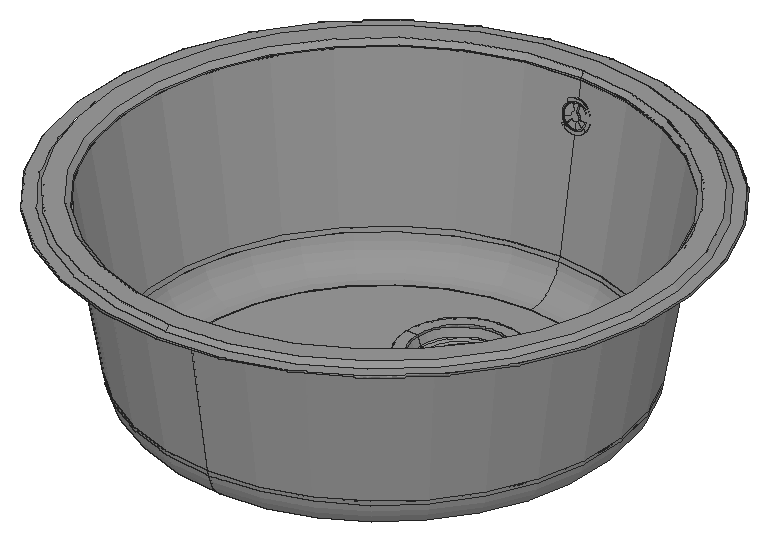
Revit family "05 BE Redondo 39", category Plumbing Fixtures, host Face, Revit 2017
Family settings
  Host = Face
  Round Connector Dimension = Use Diameter
  Part Type = Normal
  Cut with Voids When Loaded = Yes
  Shared = No
  Room Calculation Point = No
Parameters (values of type "BE Redondo 39")
  Waste Connection = yes
  URL = "www.teka.cl"
  Model = "BE Redondo 39"
  Manufacturer = "Teka"
  Espesor_Cubierta = 10 mm
  Description = "Lavaplatos bajo encimera para cocina"
  Default Elevation = 1219.2 mm
  Ca_Web del Representante = "www.teka.cl"
  Ca_Web del Fabricante = "www.teka.com"
  Ca_Usos = "Lavaplatos bajo encimera para cocina"
  Ca_Teléfono = "99821 1017"
  Ca_Representante = "Teka"
  Ca_Profundidad = 180 mm
  Ca_Producto = "Lavaplatos BE Redondo 39"
  Ca_País de Fabricación = "España"
  Ca_Material Principal = "Acero Inoxidable AISI-304 (18/10)"
  Ca_Masterformat = "22 41 16"
  Ca_Itemizado CDT = "E 04 05 01"
  Ca_Instalación = "Bajo Encimera"
  Ca_Fabricante = "Teka"
  Ca_Especificaciones Técnicas = "Lavaplatos bajo encimera de acero TEKA modelo BE Redondo 39"
  Ca_Código del Producto = "10125006"
  Ca_Código EAN = "8421152024126"
  Ca_Código Catálogo Arquitectura = "411_TEK_089"
  Ca_Creado por = "Catálogo Arquitectura"
  Ca_Contacto = "Khorzella@teka.cl"
  Ca_Certificaciones = "Norma Europea EN-13310"
  Ca_1_Sello CE = "Producto cumple Norma Europea EN-13310"
  Ca_1_Profundidad Cubeta = "180 mm"
  Ca_1_Material Principal = "Acero Inoxidable AISI-304 (18/10)"
  Ca_1_Instalación = "Bajo encimera"
  Ca_1_Espesor de acero = "0,8 mm."
  Ca_1_Dimesiones Cubeta = "Ø 390 x 180 mm"
  Ca_1_Dimensiones Lavaplatos = "Ø 390 mm."
  Ca_1_Accesorios = "Válvula 3 1/2'' + Rebalse redondo. + Sifón y Completo sistema de conexión"
  Acabado_Lavaplatos = Teka_Acero Inoxidable
Reference planes
  plane 1 "Center (Front/Back)": y = 0
  plane 2: z = 0
  plane 3 "Center (Left/Right)": x = 0
  plane 4 "R. Lavaplatos": z = -10
  plane 5 "R.1": z = -126.783
  plane 6 "R.2": z = -152.793
  plane 7 "R.Desague": y = 75.974
  plane 8 "R.3": z = -167.705
Forms (mm)
  Sweep 1, solid, material "Teka_Acero Inoxidable" <- "Acabado_Lavaplatos"
    path origin (0, 0, -10) x (0, -1, 0) y (1, 0, 0)
      loop
        circle (0, 0) r 195
    profile origin (195, 0, -10) x (-1, 0, 0) y (0, 0, 1)
      loop
        arc (-31.029, 1) -> (-31.529, 0.5) -> (-31.029, 0) r 0.5
        line (-31.029, 0) -> (0, 0) -> (0, 0.787) -> (-3.749, 4.536) -> (-18.309, 4.536) -> (-21.845, 1) -> (-31.029, 1)
  Extrusion 2, void
    sketch origin (0, 0, -10) x (0, -1, 0) y (1, 0, 0)
      loop
        circle (0, 0) r 193
    from 4.536 to 10
  Extrusion 3, void
    sketch origin (0, 0, -10) x (0, -1, 0) y (1, 0, 0)
      loop
        circle (0, 0) r 195
    from -180 to 4.536
  Sweep 4, solid, material "Teka_Acero Inoxidable" <- "Acabado_Lavaplatos"
    path origin (0, 0, -10) x (0, -1, 0) y (1, 0, 0)
      loop
        circle (0, 0) r 195
    profile origin (-195, 0, -10) x (-1, 0, 0) y (0, 0, 1)
      loop
        line (-20.689, -116.783) -> (-19.877, -116.783) -> (0.812, 0) -> (0, 0) -> (-20.689, -116.783)
  Sweep 5, solid, material "Teka_Acero Inoxidable" <- "Acabado_Lavaplatos"
    path origin (0, 0, -126.783) x (-1, 0, 0) y (0, -1, 0)
      loop
        circle (0, 0) r 174.311
    profile origin (174.311, 0, -126.783) x (1, 0, 0) y (0, 0, 1)
      loop
        line (0, 0) -> (-0.751, -3.593)
        arc (-0.751, -3.593) -> (-10.562, -19.696) -> (-28.33, -26.01) r 28.186
        line (-28.33, -26.01) -> (-28.33, -26.81)
        arc (-28.33, -26.81) -> (-9.855, -20.15) -> (0.134, -3.242) r 28.986
        line (0.134, -3.242) -> (0.812, 0) -> (0, 0)
  Extrusion 6, solid, material "Teka_Acero Inoxidable" <- "Acabado_Lavaplatos"
    sketch origin (0, 0, -152.793) x (-1, 0, 0) y (0, -1, 0)
      loop
        circle (0, 0) r 145.981
      loop
        circle (0, -75.974) r 35
    from -0.8 to 0
  Revolve 7, solid, material "Teka_Acero Inoxidable" <- "Acabado_Lavaplatos"
    sketch origin (0, 75.974, 0) x (-1, 0, 0) y (0, 0, 1)
      loop
        line (-20, -168.517) -> (-20, -167.705) -> (-23.483, -167.091)
        arc (-23.483, -167.091) -> (-23.971, -166.884) -> (-24.319, -166.484) r 1.178
        line (-24.319, -166.484) -> (-26.949, -161.536)
        arc (-26.949, -161.536) -> (-27.45, -160.934) -> (-28.149, -160.582) r 1.922
        line (-28.149, -160.582) -> (-31.461, -159.694)
        arc (-31.461, -159.694) -> (-31.91, -159.443) -> (-32.184, -159.008) r 1.044
        line (-32.184, -159.008) -> (-34.151, -152.955)
        arc (-34.151, -152.955) -> (-33.854, -152.394) -> (-34.345, -151.993) r 0.501
        line (-34.345, -151.993) -> (-42.999, -151.993)
        arc (-42.999, -151.993) -> (-43.399, -152.393) -> (-42.999, -152.793) r 0.4
        line (-42.999, -152.793) -> (-35, -152.793) -> (-32.723, -159.801)
        arc (-32.723, -159.801) -> (-32.509, -160.14) -> (-32.16, -160.335) r 0.813
        line (-32.16, -160.335) -> (-28.191, -161.399)
        arc (-28.191, -161.399) -> (-27.815, -161.588) -> (-27.546, -161.912) r 1.035
        line (-27.546, -161.912) -> (-24.71, -167.246)
        arc (-24.71, -167.246) -> (-24.376, -167.63) -> (-23.908, -167.828) r 1.13
        line (-23.908, -167.828) -> (-20, -168.517)
      axis (0, -151.993) -> (0, -168.517)
    angle from 0 to 360
  Extrusion 8, solid, material "Teka_Acero Inoxidable" <- "Acabado_Lavaplatos"
    sketch origin (0, 0, -167.705) x (-1, 0, 0) y (0, -1, 0)
      loop
        circle (0, -75.974) r 20
    from -0.812 to 0
  Extrusion 9, void
    sketch origin (0, 0, -167.705) x (-1, 0, 0) y (0, -1, 0)
      loop
        line (-2.05, -81.607) -> (-5.472, -91.009)
        arc (-5.472, -91.009) -> (0, -91.974) -> (5.472, -91.009) r 16
        line (5.472, -91.009) -> (2.05, -81.607)
        arc (2.05, -81.607) -> (0, -81.969) -> (-2.05, -81.607) r 5.995
    from -0.8 to 0
  Extrusion 10, void
    sketch origin (0, 151.948, -167.705) x (-1, 0, 0) y (0, -1, 0)
      loop
        arc (-2.05, 81.607) -> (0, 81.969) -> (2.05, 81.607) r 5.995
        line (2.05, 81.607) -> (5.472, 91.009)
        arc (5.472, 91.009) -> (0, 91.974) -> (-5.472, 91.009) r 16
        line (-5.472, 91.009) -> (-2.05, 81.607)
    from -0.8 to 0
  Extrusion 11, void
    sketch origin (-65.87, 38.116, -167.705) x (-0.498295, 0.867008, 0) y (-0.867008, -0.498295, 0)
      loop
        line (-2.05, -81.607) -> (-5.472, -91.009)
        arc (-5.472, -91.009) -> (0, -91.974) -> (5.472, -91.009) r 16
        line (5.472, -91.009) -> (2.05, -81.607)
        arc (2.05, -81.607) -> (0, -81.969) -> (-2.05, -81.607) r 5.995
    from -0.8 to 0
  Extrusion 12, void
    sketch origin (65.87, 113.831, -167.705) x (-0.498295, 0.867008, 0) y (-0.867008, -0.498295, 0)
      loop
        arc (-2.05, 81.607) -> (0, 81.969) -> (2.05, 81.607) r 5.995
        line (2.05, 81.607) -> (5.472, 91.009)
        arc (5.472, 91.009) -> (0, 91.974) -> (-5.472, 91.009) r 16
        line (-5.472, 91.009) -> (-2.05, 81.607)
    from -0.8 to 0
  Extrusion 13, void
    sketch origin (-67.693, 110.465, -167.705) x (0.45399, 0.891007, 0) y (-0.891007, 0.45399, 0)
      loop
        line (-2.05, -81.607) -> (-5.472, -91.009)
        arc (-5.472, -91.009) -> (0, -91.974) -> (5.472, -91.009) r 16
        line (5.472, -91.009) -> (2.05, -81.607)
        arc (2.05, -81.607) -> (0, -81.969) -> (-2.05, -81.607) r 5.995
    from -0.8 to 0
  Extrusion 14, void
    sketch origin (67.693, 41.482, -167.705) x (0.45399, 0.891007, 0) y (-0.891007, 0.45399, 0)
      loop
        arc (-2.05, 81.607) -> (0, 81.969) -> (2.05, 81.607) r 5.995
        line (2.05, 81.607) -> (5.472, 91.009)
        arc (5.472, 91.009) -> (0, 91.974) -> (-5.472, 91.009) r 16
        line (-5.472, 91.009) -> (-2.05, 81.607)
    from -0.8 to 0
Cuts and joins
  Extrusion 9, Extrusion 10, Extrusion 11, Extrusion 12, Extrusion 13, Extrusion 14 cuts Extrusion 8
Dimensions and locks
  "Espesor_Cubierta": plane 2 to plane 4 "R. Lavaplatos"
  plane 4 "R. Lavaplatos" to plane 5 "R.1" to plane 6 "R.2" to plane 8 "R.3" = 116.783 mm locked, 26.01 mm locked, 14.912 mm locked
  aligned and locked: plane 2 to host face
  aligned and locked: level to host face
  aligned and locked: level to Extrusion 2
  aligned and locked: Sweep 4 sketch curve to Sweep 1
  aligned and locked: Sweep 5 sketch curve to Sweep 4  (x2)
  aligned and locked: Extrusion 6 to Sweep 5
Automatic sketch dimensions
  host sketch curve to host sketch curve = 2438.4 mm  (x2)
  plane 1 "Center (Front/Back)" to Sweep 1 sketch curve = 0 mm
  Sweep 1 sketch curve to plane 3 "Center (Left/Right)" = 0 mm
  Sweep 1 sketch curve to plane 4 "R. Lavaplatos" = 0 mm
  Sweep 1 sketch curve to profile plane = 0 mm
  profile plane to Sweep 1 sketch curve = 3.749 mm
  plane 4 "R. Lavaplatos" to Sweep 1 sketch curve = 4.536 mm
  Sweep 1 sketch curve to Sweep 1 sketch curve = 14.56 mm
  plane 4 "R. Lavaplatos" to Sweep 1 sketch curve = 1 mm
  Sweep 1 sketch curve to Sweep 1 sketch curve = 3.536 mm
  Sweep 1 sketch curve to Sweep 1 sketch curve = 9.184 mm
  Sweep 1 sketch curve to Sweep 1 sketch curve = 0.787 mm
  plane 1 "Center (Front/Back)" to Extrusion 2 sketch curve = 0 mm
  Extrusion 2 sketch curve to plane 3 "Center (Left/Right)" = 0 mm
  plane 1 "Center (Front/Back)" to Extrusion 3 sketch curve = 0 mm
  Extrusion 3 sketch curve to plane 3 "Center (Left/Right)" = 0 mm
  Sweep 4 sketch curve to plane 4 "R. Lavaplatos" = 0 mm
  Sweep 4 sketch curve to profile plane = 0 mm
  profile plane to Sweep 4 sketch curve = 19.877 mm
  Sweep 4 sketch curve to Sweep 4 sketch curve = 0.812 mm  (x2)
  Sweep 4 sketch curve to plane 4 "R. Lavaplatos" = 116.783 mm
  Sweep 5 sketch curve to Sweep 5 sketch curve = 0 mm  (x2)
  Sweep 5 sketch curve to plane 5 "R.1" = 0 mm
  profile plane to Sweep 5 sketch curve = 0 mm
  profile plane to Sweep 5 sketch curve = 0.751 mm
  profile plane to Sweep 5 sketch curve = 28.33 mm
  plane 5 "R.1" to Sweep 5 sketch curve = 2.176 mm
  Sweep 5 sketch curve to Sweep 5 sketch curve = 0.011 mm
  Sweep 5 sketch curve to profile plane = 0.134 mm
  Sweep 5 sketch curve to profile plane = 0.812 mm
  Sweep 5 sketch curve to plane 5 "R.1" = 3.242 mm
  Sweep 5 sketch curve to Sweep 5 sketch curve = 0.35 mm
  Extrusion 6 sketch curve to Extrusion 6 sketch curve = 0 mm  (x2)
  Extrusion 6 sketch curve to plane 3 "Center (Left/Right)" = 0 mm  (x2)
  Extrusion 6 sketch curve to plane 7 "R.Desague" = 0 mm
  plane 1 "Center (Front/Back)" to Extrusion 6 sketch curve = 0 mm
  Extrusion 6 sketch curve to Extrusion 6 sketch curve = 70.008 mm
  Revolve 7 sketch curve to plane 6 "R.2" = 0 mm
  Revolve 7 sketch curve to plane 8 "R.3" = 0 mm
  Revolve 7 sketch curve to plane 3 "Center (Left/Right)" = 0 mm
  Revolve 7 sketch curve to plane 8 "R.3" = 0.812 mm
  plane 3 "Center (Left/Right)" to Revolve 7 sketch curve = 20 mm
  plane 8 "R.3" to Revolve 7 sketch curve = 1.774 mm
  Revolve 7 sketch curve to Revolve 7 sketch curve = 3.278 mm
  plane 8 "R.3" to Revolve 7 sketch curve = 0.614 mm
  Revolve 7 sketch curve to Revolve 7 sketch curve = 0.205 mm
  Revolve 7 sketch curve to Revolve 7 sketch curve = 0.229 mm
  Revolve 7 sketch curve to plane 8 "R.3" = 0.123 mm
  Revolve 7 sketch curve to Revolve 7 sketch curve = 0.425 mm
  plane 8 "R.3" to Revolve 7 sketch curve = 1.221 mm
  plane 8 "R.3" to Revolve 7 sketch curve = 0.459 mm
  Revolve 7 sketch curve to Revolve 7 sketch curve = 0.391 mm
  plane 8 "R.3" to Revolve 7 sketch curve = 6.169 mm
  Revolve 7 sketch curve to Revolve 7 sketch curve = 2.631 mm
  plane 8 "R.3" to Revolve 7 sketch curve = 5.793 mm
  Revolve 7 sketch curve to Revolve 7 sketch curve = 0.596 mm
  plane 8 "R.3" to Revolve 7 sketch curve = 7.123 mm
  Revolve 7 sketch curve to Revolve 7 sketch curve = 0.603 mm
  plane 8 "R.3" to Revolve 7 sketch curve = 6.306 mm
  Revolve 7 sketch curve to Revolve 7 sketch curve = 0.042 mm
  Revolve 7 sketch curve to Revolve 7 sketch curve = 0.268 mm
  Revolve 7 sketch curve to Revolve 7 sketch curve = 0.187 mm
  Revolve 7 sketch curve to Revolve 7 sketch curve = 3.042 mm
  Revolve 7 sketch curve to plane 6 "R.2" = 6.902 mm
  Revolve 7 sketch curve to Revolve 7 sketch curve = 0.27 mm
  Revolve 7 sketch curve to Revolve 7 sketch curve = 0.488 mm
  plane 8 "R.3" to Revolve 7 sketch curve = 7.37 mm
  Revolve 7 sketch curve to Revolve 7 sketch curve = 0.21 mm
  Revolve 7 sketch curve to plane 6 "R.2" = 6.216 mm
  Revolve 7 sketch curve to Revolve 7 sketch curve = 0.235 mm
  Revolve 7 sketch curve to plane 6 "R.2" = 7.008 mm
  Revolve 7 sketch curve to Revolve 7 sketch curve = 0.563 mm
  Revolve 7 sketch curve to plane 6 "R.2" = 0.162 mm
  Revolve 7 sketch curve to Revolve 7 sketch curve = 1.967 mm
  Revolve 7 sketch curve to Revolve 7 sketch curve = 0.194 mm
  Revolve 7 sketch curve to Revolve 7 sketch curve = 0.655 mm
  Revolve 7 sketch curve to Revolve 7 sketch curve = 7.999 mm
  plane 6 "R.2" to Revolve 7 sketch curve = 0.299 mm
  Revolve 7 sketch curve to plane 8 "R.3" = 39.078 mm
  plane 5 "R.1" to Revolve 7 sketch curve = 30 mm
  Extrusion 8 sketch curve to plane 3 "Center (Left/Right)" = 0 mm
  Extrusion 8 sketch curve to plane 7 "R.Desague" = 0 mm
  Extrusion 9 sketch curve to Extrusion 9 sketch curve = 0 mm  (x2)
  Extrusion 9 sketch curve to plane 3 "Center (Left/Right)" = 0 mm
  Extrusion 9 sketch curve to plane 7 "R.Desague" = 0 mm
  plane 3 "Center (Left/Right)" to Extrusion 9 sketch curve = 2.05 mm
  plane 3 "Center (Left/Right)" to Extrusion 9 sketch curve = 5.472 mm
  Extrusion 9 sketch curve to plane 3 "Center (Left/Right)" = 2.05 mm
  Extrusion 9 sketch curve to plane 3 "Center (Left/Right)" = 5.472 mm
  plane 7 "R.Desague" to Extrusion 9 sketch curve = 5.633 mm
  Extrusion 9 sketch curve to Extrusion 9 sketch curve = 9.402 mm
  Extrusion 10 sketch curve to Extrusion 10 sketch curve = 0 mm  (x2)
  Extrusion 10 sketch curve to plane 3 "Center (Left/Right)" = 0 mm
  Extrusion 10 sketch curve to plane 7 "R.Desague" = 0 mm
  Extrusion 10 sketch curve to plane 3 "Center (Left/Right)" = 2.05 mm
  Extrusion 10 sketch curve to plane 3 "Center (Left/Right)" = 5.472 mm
  plane 3 "Center (Left/Right)" to Extrusion 10 sketch curve = 2.05 mm
  plane 3 "Center (Left/Right)" to Extrusion 10 sketch curve = 5.472 mm
  plane 7 "R.Desague" to Extrusion 10 sketch curve = 5.633 mm
  Extrusion 10 sketch curve to Extrusion 10 sketch curve = 9.402 mm
  Extrusion 13 sketch curve to Extrusion 13 sketch curve = 0 mm  (x2)
  Extrusion 13 sketch curve to plane 3 "Center (Left/Right)" = 0 mm
  Extrusion 13 sketch curve to plane 7 "R.Desague" = 0 mm
  Extrusion 13 sketch curve to Extrusion 13 sketch curve = 2.05 mm
  Extrusion 13 sketch curve to Extrusion 13 sketch curve = 3.422 mm  (x2)
  Extrusion 13 sketch curve to Extrusion 13 sketch curve = 4.101 mm
  Extrusion 13 sketch curve to Extrusion 13 sketch curve = 5.633 mm
  Extrusion 13 sketch curve to Extrusion 13 sketch curve = 9.402 mm
  Extrusion 14 sketch curve to Extrusion 14 sketch curve = 0 mm  (x2)
  Extrusion 14 sketch curve to plane 3 "Center (Left/Right)" = 0 mm
  Extrusion 14 sketch curve to plane 7 "R.Desague" = 0 mm
  Extrusion 14 sketch curve to Extrusion 14 sketch curve = 2.05 mm
  Extrusion 14 sketch curve to Extrusion 14 sketch curve = 3.422 mm  (x2)
  Extrusion 14 sketch curve to Extrusion 14 sketch curve = 4.101 mm
  Extrusion 14 sketch curve to Extrusion 14 sketch curve = 5.633 mm
  Extrusion 14 sketch curve to Extrusion 14 sketch curve = 9.402 mm
  Extrusion 11 sketch curve to Extrusion 11 sketch curve = 0 mm  (x2)
  Extrusion 11 sketch curve to plane 3 "Center (Left/Right)" = 0 mm
  Extrusion 11 sketch curve to plane 7 "R.Desague" = 0 mm
  Extrusion 11 sketch curve to Extrusion 11 sketch curve = 2.05 mm
  Extrusion 11 sketch curve to Extrusion 11 sketch curve = 3.422 mm  (x2)
  Extrusion 11 sketch curve to Extrusion 11 sketch curve = 4.101 mm
  Extrusion 11 sketch curve to Extrusion 11 sketch curve = 5.633 mm
  Extrusion 11 sketch curve to Extrusion 11 sketch curve = 9.402 mm
  Extrusion 12 sketch curve to Extrusion 12 sketch curve = 0 mm  (x2)
  Extrusion 12 sketch curve to plane 3 "Center (Left/Right)" = 0 mm
  Extrusion 12 sketch curve to plane 7 "R.Desague" = 0 mm
  Extrusion 12 sketch curve to Extrusion 12 sketch curve = 2.05 mm
  Extrusion 12 sketch curve to Extrusion 12 sketch curve = 3.422 mm  (x2)
  Extrusion 12 sketch curve to Extrusion 12 sketch curve = 4.101 mm
  Extrusion 12 sketch curve to Extrusion 12 sketch curve = 5.633 mm
  Extrusion 12 sketch curve to Extrusion 12 sketch curve = 9.402 mm
  radius of Sweep 1 sketch curve = 195 mm
  radius of Extrusion 2 sketch curve = 193 mm
  radius of Extrusion 3 sketch curve = 195 mm
  radius of Extrusion 6 sketch curve = 35 mm
  radius of Extrusion 8 sketch curve = 20 mm
Nested families
  nested 1: "Rebalse" at (0.049, 190.707, -34.232) x (0.9998, 0.0031, 0.0187) z (-0.0003, -0.9847, 0.1744), type "Rebalse"
Connectors
  piping at (0, 75.974, -168.517), diameter 40
    settings: on cut or joined group of Extrusion 8, Extrusion 9, Extrusion 10, Extrusion 11, Extrusion 12, Extrusion 13, Extrusion 14, index 1, connector inside diameter 609.6 mm, connector length 0 mm, flow factor 0, pipe flow 0.0 L/s, pressure drop 0.0 Pa, fitting loss kfactor 0, connector angle 0.00°, fixture units 0, engagement length 0 mm, angle of deflection 0.00°, flow configuration 0, flow direction 2, fitting loss method 0, system type 16, joint type 0, gender type 0, connector reference index -1, connector utility 0, adjustable connector no, is connector primary yes, connector description ""
Definition of nested family "Rebalse"
  Parameters (values of type "Rebalse")
    Default Elevation = 1219.2 mm
    Acabado = none
  Reference planes
    plane 1 "Center (Front/Back)": y = 0
    plane 2: z = 0
    plane 3 "Center (Left/Right)": x = 0
  Forms (mm)
    Extrusion 1, solid
      sketch origin (0, 0, 0) x (1, 0, 0) y (0, 1, 0)
        loop
          line (-1219.2, 1219.2) -> (-1219.2, -1219.2) -> (1219.2, -1219.2) -> (1219.2, 1219.2) -> (-1219.2, 1219.2)
      from 0 to -304.8
    Extrusion 2, solid, material <- "Acabado"
      sketch origin (11.827, -29.92, 0) x (1, 0, 0) y (0, 1, 0)
        loop
          circle (-11.827, 29.92) r 12
        loop
          circle (-11.827, 29.92) r 10
      from 0 to 0.8
    Blend 3, solid, material <- "Acabado"
      base sketch origin (11.992, -30.086, 0) x (1, 0, 0) y (0, 1, 0)
        loop
          circle (-12, 29.971) r 10
      top sketch origin (11.992, -30.086, 0) x (1, 0, 0) y (0, 1, 0)
        loop
          circle (-12, 29.971) r 8.5
      from 0 to 1
    Extrusion 4, void
      sketch origin (-288.098, -16.555, 1) x (0, 1, 0) y (1, 0, 0)
        loop
          arc (14.118, 289.809) -> (14.228, 290.219) -> (14.049, 290.604) r 0.62
          line (14.049, 290.604) -> (10.942, 293.711)
          arc (10.942, 293.711) -> (10.173, 294.002) -> (9.445, 293.617) r 1
          arc (9.445, 293.617) -> (7.555, 288.102) -> (9.44, 282.586) r 9
          arc (9.44, 282.586) -> (10.172, 282.198) -> (10.948, 282.491) r 1.006
          line (10.948, 282.491) -> (14.062, 285.605)
          arc (14.062, 285.605) -> (14.235, 285.978) -> (14.127, 286.375) r 0.598
          arc (14.127, 286.375) -> (13.578, 288.09) -> (14.118, 289.809) r 2.977
      from 0 to 3.829
    Extrusion 5, void
      sketch origin (154.14, -243.958, 1) x (-0.874643, -0.484768, 0) y (-0.484768, 0.874643, 0)
        loop
          arc (14.118, 289.809) -> (14.228, 290.219) -> (14.049, 290.604) r 0.62
          line (14.049, 290.604) -> (10.942, 293.711)
          arc (10.942, 293.711) -> (10.173, 294.002) -> (9.445, 293.617) r 1
          arc (9.445, 293.617) -> (7.555, 288.102) -> (9.44, 282.586) r 9
          arc (9.44, 282.586) -> (10.172, 282.198) -> (10.948, 282.491) r 1.006
          line (10.948, 282.491) -> (14.062, 285.605)
          arc (14.062, 285.605) -> (14.235, 285.978) -> (14.127, 286.375) r 0.598
          arc (14.127, 286.375) -> (13.578, 288.09) -> (14.118, 289.809) r 2.977
      from 0 to 3.829
    Extrusion 6, void
      sketch origin (11.992, -30.086, 1) x (0, 1, 0) y (1, 0, 0)
        loop
          arc (32.763, -13.294) -> (31.522, -14.6) -> (29.755, -14.951) r 2.977
          arc (29.755, -14.951) -> (29.356, -15.049) -> (29.114, -15.381) r 0.598
          line (29.114, -15.381) -> (27.9, -19.615)
          arc (27.9, -19.615) -> (28.019, -20.435) -> (28.714, -20.887) r 1.006
          arc (28.714, -20.887) -> (34.452, -19.862) -> (38.359, -15.535) r 9
          arc (38.359, -15.535) -> (38.343, -14.713) -> (37.715, -14.18) r 1
          line (37.715, -14.18) -> (33.492, -12.969)
          arc (33.492, -12.969) -> (33.069, -12.999) -> (32.763, -13.294) r 0.62
      from 0 to 3.829
  Cuts and joins
    Extrusion 4, Extrusion 5, Extrusion 6 cuts Blend 3
  Dimensions and locks
    aligned and locked: plane 2 to Extrusion 1
    aligned and locked: level to Extrusion 1
